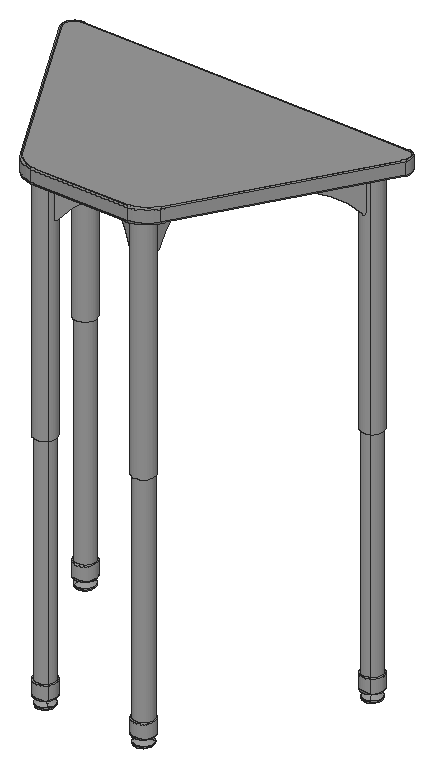
Revit family "Hierarchy Snap Hexagonal Trapezoid Desk - Standing Height", category Furniture, Revit 2018
Family settings
  Work Plane-Based = No
  Always vertical = Yes
  Cut with Voids When Loaded = No
  Shared = No
  Room Calculation Point = No
Parameters
  Surface = Hierarchy Snap Hexagonal Trapezoid Desk Standing Surface
  Desk Height = 3' - 5"
  Leg Finish = Hierarchy Leg Platinum
  Edgeband = Hierarchy Snap Hexagonal Trapezoid Desk Standing Edgeband
  Caster/Glide = Hierarchy Standing Leg - Glide : Hierarchy Standing Leg - Glide
Reference planes (in)
  plane 1 "Center (Front/Back)": y = 0
  plane 2: z = 0
  plane 3 "Center (Left/Right)": x = 0
  plane 4: z = 41
Dimensions and locks (in)
  "Desk Height": plane 4 to level
  aligned and locked: plane 2 to level
  aligned and locked: nested 1 to plane 4
Nested families (in)
  nested 1: "Snap Hexagonal Trapezoid Tabletop" at (0, 0, 13.85825), type "Snap Hexagonal Trapezoid Tabletop"
  nested 2: "Hierarchy Standing Leg - Glide" at (-12.40075, 7.25, 0) x (0.5556, 0.8315, 0) z (0, 0, 1), Leg Finish <- "Leg Finish", Leg Height <- "Desk Height", type "Hierarchy Standing Leg - Glide"
    with Leg Height 3' - 5", Leg Finish Hierarchy Leg Platinum
  nested 3: "Hierarchy Standing Leg - Glide" at (12.40075, 7.25, 0) x (-0.5556, 0.8315, 0) z (0, 0, 1), Leg Finish <- "Leg Finish", Leg Height <- "Desk Height", type "Hierarchy Standing Leg - Glide"
    with Leg Height 3' - 5", Leg Finish Hierarchy Leg Platinum
  nested 4: "Hierarchy Standing Leg - Glide" at (-4.25, -7.25, 0) x (-0.8315, 0.5556, 0) z (0, 0, 1), type <- "Caster/Glide", Leg Finish <- "Leg Finish", Leg Height <- "Desk Height", type "Hierarchy Standing Leg - Glide"
  nested 5: "Hierarchy Standing Leg - Glide" at (4.25, -7.25, 0) x (0.8315, 0.5556, 0) z (0, 0, 1), type <- "Caster/Glide", Leg Finish <- "Leg Finish", Leg Height <- "Desk Height", type "Hierarchy Standing Leg - Glide"
Definition of nested family "Snap Hexagonal Trapezoid Tabletop"
  Parameters (values of type "Snap Hexagonal Trapezoid Tabletop")
    Surface = none
    Edgeband = none
  Reference planes (in)
    plane 1 "Center (Front/Back)": y = 0
    plane 2: z = 0
    plane 3 "Center (Left/Right)": x = 0
  Forms (in)
    Extrusion 1, solid, material <- "Surface"
      sketch origin (0, 0, 0) x (1, 0, 0) y (0, 1, 0)
        loop
          line (14.05799, 8.95098) -> (-14.05799, 8.95098)
          arc (-14.05799, 8.95098) -> (-14.76477, 8.57319) -> (-14.84333, 7.77563) r 0.85005
          line (-14.84333, 7.77563) -> (-5.97069, -7.59223)
          arc (-5.97069, -7.59223) -> (-5.20833, -8.40619) -> (-4.1646, -8.79902) r 2.4556
          line (-4.1646, -8.79902) -> (4.1646, -8.79902)
          arc (4.1646, -8.79902) -> (5.20833, -8.40619) -> (5.97069, -7.59223) r 2.4556
          line (5.97069, -7.59223) -> (14.84333, 7.77563)
          arc (14.84333, 7.77563) -> (14.76477, 8.57319) -> (14.05799, 8.95098) r 0.85005
      from 27.14175 to 28.39175
    Sweep 2, solid, material <- "Edgeband"
      path in 3D
        loop
          line (-14.05799, 8.95098, 28.39175) -> (14.05799, 8.95098, 28.39175)
          arc (14.05799, 8.95098, 28.39175) -> (14.76477, 8.57319, 28.39175) -> (14.84333, 7.77563, 28.39175) r 0.85005
          line (14.84333, 7.77563, 28.39175) -> (5.97069, -7.59223, 28.39175)
          arc (5.97069, -7.59223, 28.39175) -> (5.20833, -8.40619, 28.39175) -> (4.1646, -8.79902, 28.39175) r 2.4556
          line (4.1646, -8.79902, 28.39175) -> (-4.1646, -8.79902, 28.39175)
          arc (-4.1646, -8.79902, 28.39175) -> (-5.20833, -8.40619, 28.39175) -> (-5.97069, -7.59223, 28.39175) r 2.4556
          line (-5.97069, -7.59223, 28.39175) -> (-14.84333, 7.77563, 28.39175)
          arc (-14.84333, 7.77563, 28.39175) -> (-14.76477, 8.57319, 28.39175) -> (-14.05799, 8.95098, 28.39175) r 0.85005
      profile origin (-14.76477, 8.57319, 28.39175) x (-0.831469, 0.555571, 0) y (0, 0, 1)
        loop
          line (0, 0) -> (0, -1.25)
          arc (0, -1.25) -> (0.07724, -1.21801) -> (0.10923, -1.14077) r 0.10923
          line (0.10923, -1.14077) -> (0.10923, -0.10923)
          arc (0.10923, -0.10923) -> (0.07724, -0.03199) -> (0, 0) r 0.10923
  Lines and regions (in)
    sketch lines
      curve 1: arc (-14.84333, 7.77563, 28.39175) -> (-14.76477, 8.57319, 28.39175) -> (-14.05799, 8.95098, 28.39175) r 0.85005
      curve 2: line (-14.84333, 7.77563, 28.39175) -> (-5.97069, -7.59223, 28.39175)
      curve 3: arc (-4.1646, -8.79902, 28.39175) -> (-5.20833, -8.40619, 28.39175) -> (-5.97069, -7.59223, 28.39175) r 2.4556
      curve 4: line (-4.1646, -8.79902, 28.39175) -> (4.1646, -8.79902, 28.39175)
      curve 5: arc (5.97069, -7.59223, 28.39175) -> (5.20833, -8.40619, 28.39175) -> (4.1646, -8.79902, 28.39175) r 2.4556
      curve 6: line (5.97069, -7.59223, 28.39175) -> (14.84333, 7.77563, 28.39175)
      curve 7: arc (14.05799, 8.95098, 28.39175) -> (14.76477, 8.57319, 28.39175) -> (14.84333, 7.77563, 28.39175) r 0.85005
      curve 8: line (14.05799, 8.95098, 28.39175) -> (-14.05799, 8.95098, 28.39175)
  Dimensions and locks (in)
    aligned and locked: plane 2 to level
Definition of nested family "Hierarchy Standing Leg - Glide"
  Parameters (values of type "Hierarchy Standing Leg - Glide")
    Leg Finish [instance] = none
    Leg Height [instance] = 3' - 5"
  Reference planes (in)
    plane 1 "Center (Front/Back)": y = 0
    plane 2: z = 0
    plane 3 "Center (Left/Right)": x = 0
  Forms (in)
    Extrusion 1, solid
      sketch origin (-0.01562, 0, 0) x (1, 0, 0) y (0, 1, 0)
        loop
          circle (0.01563, 0) r 0.79147
      from 2 to 23.175
    Revolve 2, solid
      sketch origin (0, 0, 0) x (1, 0, 0) y (0, 0, 1)
        loop
          line (0, 2) -> (0, 0.74937) -> (0.84838, 0.74937)
          arc (0.84838, 0.74937) -> (0.89342, 0.76803) -> (0.91207, 0.81306) r 0.06369
          line (0.91207, 0.81306) -> (0.91207, 1.93631)
          arc (0.91207, 1.93631) -> (0.89342, 1.98134) -> (0.84838, 2) r 0.06369
          line (0.84838, 2) -> (0, 2)
        axis (0, 2) -> (0, 0.74937)
      angle from 0 to 360
    Revolve 3, solid
      sketch origin (0, 0, 0) x (1, 0, 0) y (0, 0, 1)
        loop
          line (0, 0.75) -> (0, 0) -> (0.74583, 0) -> (0.79147, 0.09013) -> (0.79147, 0.16241) -> (0.12474, 0.5) -> (0.12474, 0.75) -> (0, 0.75)
        axis (0, 0.75) -> (0, 0)
      angle from 0 to 360
  Dimensions and locks (in)
    "Leg Height": nested 1 to level
    aligned and locked: plane 2 to level
  Automatic sketch dimensions
    plane 1 "Center (Front/Back)" to Extrusion 1 sketch curve = 0' - 0"
    Extrusion 1 sketch curve to plane 3 "Center (Left/Right)" = 0' - 0"
    Revolve 2 sketch curve to plane 3 "Center (Left/Right)" = 0' - 0"  (x2)
    plane 3 "Center (Left/Right)" to Revolve 2 sketch curve = 0' - 0.84838"
    Revolve 2 sketch curve to Revolve 2 sketch curve = 0' - 0.84838"
    Revolve 2 sketch curve to Revolve 2 sketch curve = 0' - 0.06369"
    level to Revolve 2 sketch curve = 0' - 0.74937"
    Revolve 2 sketch curve to Revolve 2 sketch curve = 0' - 1.12324"
    Revolve 2 sketch curve to Revolve 2 sketch curve = 0' - 0.13731"
    Revolve 2 sketch curve to Revolve 2 sketch curve = 0' - 0 3/4"
    Revolve 3 sketch curve to plane 3 "Center (Left/Right)" = 0' - 0"  (x2)
    Revolve 3 sketch curve to level = 0' - 0"
    plane 3 "Center (Left/Right)" to Revolve 3 sketch curve = 0' - 0.12474"
    plane 3 "Center (Left/Right)" to Revolve 3 sketch curve = 0' - 0.74583"
    Revolve 3 sketch curve to Revolve 3 sketch curve = 0' - 0.04564"
    level to Revolve 3 sketch curve = 0' - 0.09013"
    Revolve 3 sketch curve to Revolve 3 sketch curve = 0' - 0.07228"
    level to Revolve 3 sketch curve = 0' - 0 1/2"
    Revolve 3 sketch curve to Revolve 3 sketch curve = 0' - 0 1/4"
    Revolve 3 sketch curve to level = 0' - 0 1/8"
    Revolve 3 sketch curve to Revolve 3 sketch curve = 0' - 0 1/8"
    radius of Extrusion 1 sketch curve = 0' - 0.79147"
  Nested families (in)
    nested 1: "Hierarchy Standing Upper Leg 2023" at (0, 0, 0.19983), Leg Finish <- "Leg Finish", type "Hierarchy Standing Upper Leg 2023"
      with Leg Finish none
  Definition of nested family "Hierarchy Standing Upper Leg 2023"
    Parameters (values of type "Hierarchy Standing Upper Leg 2023")
      Leg Finish [instance] = none
    Reference planes (in)
      plane 1 "Center (Front/Back)": y = 0
      plane 2: z = 0
      plane 3 "Center (Left/Right)": x = 0
    Forms (in)
      Extrusion 1, solid, material <- "Leg Finish"
        sketch origin (0, 0, 0) x (1, 0, 0) y (0, 1, 0)
          loop
            circle (0, 0) r 0.9129
        from 20.67418 to 40.67418
      Extrusion 2, solid, material <- "Leg Finish"
        sketch origin (0, 0, 12.998) x (1, 0, 0) y (0, 1, 0)
          loop
            line (-1.70174, 0.19183) -> (-3.96611, -4.49738)
            arc (-3.96611, -4.49738) -> (-3.91977, -5.33444) -> (-3.18615, -5.74016) r 0.86614
            line (-3.18615, -5.74016) -> (3.18615, -5.74016)
            arc (3.18615, -5.74016) -> (3.91977, -5.33444) -> (3.96611, -4.49738) r 0.86614
            line (3.96611, -4.49738) -> (1.70174, 0.19183)
            arc (1.70174, 0.19183) -> (0, 1.25984) -> (-1.70174, 0.19183) r 1.88976
        from 27.67618 to 27.80217
      Extrusion 3, solid, material <- "Leg Finish"
        sketch origin (12.41967, 1.58692, 0) x (0.434844, 0.900506, 0) y (0, 0, 1)
          loop
            arc (-12.68776, 40.67418) -> (-12.80559, 40.56418) -> (-12.70394, 40.43908) r 0.11811
            arc (-12.70394, 40.43908) -> (-9.98192, 39.53509) -> (-7.76426, 37.71614) r 7.87402
            arc (-7.76426, 37.71614) -> (-7.63344, 37.68136) -> (-7.55587, 37.79229) r 0.11811
            line (-7.55587, 37.79229) -> (-7.55587, 40.67418) -> (-12.68776, 40.67418)
        from -11.10976 to -10.98378
      Extrusion 4, solid, material <- "Leg Finish"
        sketch origin (-12.41967, 1.58692, 0) x (-0.434844, 0.900506, 0) y (0, 0, -1)
          loop
            line (-12.68776, -40.67418) -> (-7.55587, -40.67418) -> (-7.55587, -37.79229)
            arc (-7.55587, -37.79229) -> (-7.63344, -37.68136) -> (-7.76426, -37.71614) r 0.11811
            arc (-7.76426, -37.71614) -> (-9.98192, -39.53509) -> (-12.70394, -40.43908) r 7.87402
            arc (-12.70394, -40.43908) -> (-12.80559, -40.56418) -> (-12.68776, -40.67418) r 0.11811
        from -11.10976 to -10.98378
    Dimensions and locks (in)
      aligned and locked: plane 2 to level
